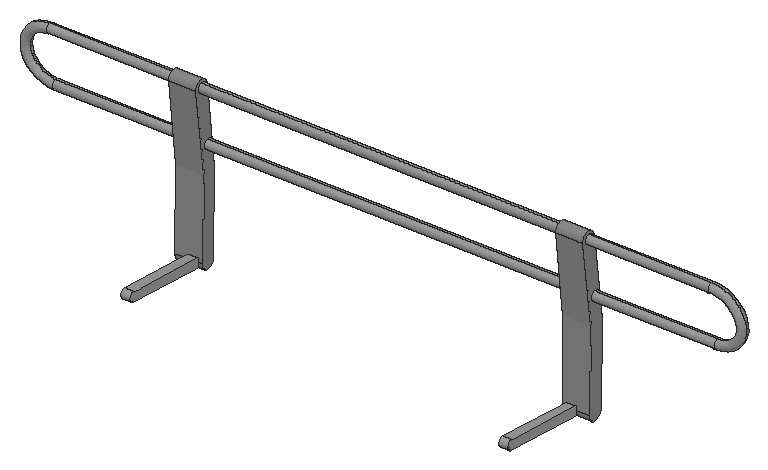
Revit family "Nursing Bench 3000 height adjustable_v_1.0", category Specialty Equipment, host Wall, Revit 2012
Parameters (values of type "1300mm")
  URL = "www.pressalitcare.com"
  Rail [instance] = 1600 mm
  Model = "R8510"
  Manufacturer = "Pressalit Care"
  File Version = "V 1.0"  # constant formula
  Description = "Safety Rail for Nursing Bench 3000, 1300 mm"
  Couch Elevation [instance] = 865 mm
  Copyright = "Pressalit Care"
  Assembly Code = "C1030200"
Types (2, lengths in mm): name | Model | Description
  1300mm | "R8510" | "Safety Rail for Nursing Bench 3000, 1300 mm"
  1800mm | "R8511" | "Safety Rail for Nursing Bench 3000, 1800 mm"
Reference planes
  plane 1 "Center (Front/Back)": y = 0
  plane 2: z = 0
  plane 3 "Center (Left/Right)": x = 0
  plane 4 "Bed Elevation": z = 865
  plane 5 "Lines": z = 1115
  plane 6: x = -800
  plane 7: x = 800
Forms (mm)
  Sweep 1, solid, material "Pressalit Aluminum"
    path origin (0, 963.054, 967.776) x (0, -0.139173, 0.990268) y (1, 0, 0)
      loop
        arc (120, 730) -> (60, 790) -> (0, 730) r 60
        line (0, 730) -> (0, -730)
        arc (0, -730) -> (60, -790) -> (120, -730) r 60
        line (120, -730) -> (120, 730)
    profile origin (0, 946.353, 1086.608) x (0, -0.139173, 0.990268) y (0, 0.990268, 0.139173)
      loop
        circle (0, 0) r 10
  Sweep 2, solid, material "Pressalit Plastic"
    path origin (0, 0, 865) x (0, 1, 0) y (-1, 0, 0)
      loop
        line (554.669, 457) -> (554.669, 397)
    profile origin (-427, 554.669, 865) x (0, 1, 0) y (0, 0, 1)
      loop
        arc (376.891, 218.826) -> (397.193, 45.154) -> (394.604, -129.682) r 1333.923
        arc (394.604, -129.682) -> (408.35, -145.838) -> (424.507, -132.091) r 15
        arc (424.507, -132.091) -> (427.105, 47.624) -> (406.051, 226.12) r 1363.923
        arc (406.051, 226.12) -> (388.047, 236.161) -> (376.891, 218.826) r 15.059
  Sweep 3, solid, material "Pressalit Plastic"
    path origin (0, 0, 865) x (0, 1, 0) y (1, 0, 0)
      loop
        line (554.669, 457) -> (554.669, 397)
    profile origin (427, 554.669, 865) x (0, -1, 0) y (0, 0, 1)
      loop
        arc (-376.891, 218.826) -> (-388.047, 236.161) -> (-406.051, 226.12) r 15.059
        arc (-406.051, 226.12) -> (-427.105, 47.624) -> (-424.507, -132.091) r 1363.923
        arc (-424.507, -132.091) -> (-408.35, -145.838) -> (-394.604, -129.682) r 15
        arc (-394.604, -129.682) -> (-397.193, 45.154) -> (-376.891, 218.826) r 1333.923
  Sweep 4, solid, material "Pressalit Aluminum"
    path origin (0, 0, 865) x (0, 1, 0) y (-1, 0, 0)
      loop
        line (554.5, 426.963) -> (554.5, 406.963)
    profile origin (-416.963, 554.5, 865) x (0, 1, 0) y (0, 0, 1)
      loop
        arc (409.944, -140.954) -> (419.74, -130.754) -> (409.539, -120.958) r 10
        arc (409.539, -120.958) -> (314.277, -119.148) -> (219.451, -109.869) r 1213.489
        arc (219.451, -109.869) -> (208.18, -118.412) -> (216.723, -129.682) r 10
        arc (216.723, -129.682) -> (313.112, -139.114) -> (409.944, -140.954) r 1233.489
  Sweep 5, solid, material "Pressalit Aluminum"
    path origin (0, 0, 865) x (0, 1, 0) y (1, 0, 0)
      loop
        line (554.5, 426.963) -> (554.5, 406.963)
    profile origin (416.963, 554.5, 865) x (0, -1, 0) y (0, 0, 1)
      loop
        arc (-409.944, -140.954) -> (-313.112, -139.114) -> (-216.723, -129.682) r 1233.489
        arc (-216.723, -129.682) -> (-208.18, -118.412) -> (-219.451, -109.869) r 10
        arc (-219.451, -109.869) -> (-314.277, -119.148) -> (-409.539, -120.958) r 1213.489
        arc (-409.539, -120.958) -> (-419.74, -130.754) -> (-409.944, -140.954) r 10
  Extrusion 6, void
    sketch origin (0, 963.054, 967.776) x (0, 0.139173, -0.990268) y (1, 0, 0)
      loop
        line (-142.703, 457) -> (-142.703, 397) -> (15.816, 397) -> (15.816, 457) -> (-142.703, 457)
      loop
        line (15.911, -397) -> (-142.677, -397) -> (-142.677, -457) -> (15.911, -457) -> (15.911, -397)
    from -50 to 50
Cuts and joins
  Extrusion 6 cuts Sweep 1
Lines and regions (mm)
  Masking region 1
    outline origin (0, 0, 1115) x (0, 1, 0) y (-1, 0, 0)
      loop
        line (973.054, -457) -> (936.353, -457) -> (936.353, -720.974)
        spline (936.353, -720.974) -> (937.112, -752.217) -> (939.202, -774.001) -> (942.339, -787.995) -> (946.24, -795.866) -> (950.625, -799.284) -> (955.209, -799.916) -> (959.718, -798.948) -> (963.915, -795.343) -> (967.573, -787.422) -> (970.467, -773.505) -> (972.369, -751.916) -> (973.054, -720.974)
        line (973.054, -720.974) -> (973.054, -457)
      loop
        line (973.054, 457) -> (973.054, 720.974)
        spline (973.054, 720.974) -> (972.369, 751.916) -> (970.467, 773.505) -> (967.573, 787.422) -> (963.915, 795.343) -> (959.718, 798.948) -> (955.209, 799.916) -> (950.625, 799.284) -> (946.24, 795.866) -> (942.339, 787.995) -> (939.202, 774.001) -> (937.112, 752.217) -> (936.353, 720.974)
        line (936.353, 720.974) -> (936.353, 457) -> (973.054, 457)
      loop
        line (973.054, 397) -> (936.353, 397) -> (936.353, -397) -> (973.054, -397) -> (973.054, 397)
  Masking region 2
    outline origin (0, 0, 1115) x (0, 1, 0) y (-1, 0, 0)
      loop
        line (983.582, 457) -> (931.32, 457) -> (931.32, 397) -> (983.582, 397) -> (983.582, 457)
      loop
        line (983.582, -457) -> (983.582, -397) -> (931.32, -397) -> (931.32, -457) -> (983.582, -457)
  reference lines
    curve 1: line (0, 963.054, 967.776) -> (0, 946.353, 1086.608)
  symbolic lines, not visible
    curve 2: line (551.75, 756.669, 905) -> (751.75, 756.669, 905)
    curve 3: line (751.75, 736.669, 905) -> (551.75, 736.669, 905)
    curve 4: arc (551.75, 756.669, 905) -> (541.75, 746.669, 905) -> (551.75, 736.669, 905) r 10
    curve 5: arc (751.75, 756.669, 905) -> (761.75, 746.669, 905) -> (751.75, 736.669, 905) r 10
    curve 6: line (551.75, 564.669, 905) -> (751.75, 564.669, 905)
    curve 7: line (751.75, 544.669, 905) -> (551.75, 544.669, 905)
    curve 8: arc (551.75, 564.669, 905) -> (541.75, 554.669, 905) -> (551.75, 544.669, 905) r 10
    curve 9: arc (751.75, 564.669, 905) -> (761.75, 554.669, 905) -> (751.75, 544.669, 905) r 10
    curve 10: line (551.75, 372.669, 905) -> (751.75, 372.669, 905)
    curve 11: line (751.75, 352.669, 905) -> (551.75, 352.669, 905)
    curve 12: arc (551.75, 372.669, 905) -> (541.75, 362.669, 905) -> (551.75, 352.669, 905) r 10
    curve 13: arc (751.75, 372.669, 905) -> (761.75, 362.669, 905) -> (751.75, 352.669, 905) r 10
    curve 14: line (403.5, 903.491, 905) -> (403.5, 205.509, 905)
    curve 15: line (330.5, 756.669, 905) -> (178.5, 756.669, 905)
    curve 16: line (178.5, 736.669, 905) -> (330.5, 736.669, 905)
    curve 17: arc (330.5, 756.669, 905) -> (340.5, 746.669, 905) -> (330.5, 736.669, 905) r 10
    curve 18: arc (178.5, 756.669, 905) -> (168.5, 746.669, 905) -> (178.5, 736.669, 905) r 10
    curve 19: line (330.5, 564.669, 905) -> (178.5, 564.669, 905)
    curve 20: line (178.5, 544.669, 905) -> (330.5, 544.669, 905)
    curve 21: arc (178.5, 564.669, 905) -> (168.5, 554.669, 905) -> (178.5, 544.669, 905) r 10
    curve 22: line (330.5, 372.669, 905) -> (178.5, 372.669, 905)
    curve 23: line (178.5, 352.669, 905) -> (330.5, 352.669, 905)
    curve 24: arc (178.5, 372.669, 905) -> (168.5, 362.669, 905) -> (178.5, 352.669, 905) r 10
    curve 25: arc (330.5, 564.669, 905) -> (340.5, 554.669, 905) -> (330.5, 544.669, 905) r 10
    curve 26: arc (330.5, 372.669, 905) -> (340.5, 362.669, 905) -> (330.5, 352.669, 905) r 10
    curve 27: line (391, 903.491, 905) -> (391, 205.509, 905)
    curve 28: line (80.5, 756.669, 905) -> (-71.5, 756.669, 905)
    curve 29: line (-71.5, 736.669, 905) -> (80.5, 736.669, 905)
    curve 30: arc (80.5, 756.669, 905) -> (90.5, 746.669, 905) -> (80.5, 736.669, 905) r 10
    curve 31: arc (-71.5, 756.669, 905) -> (-81.5, 746.669, 905) -> (-71.5, 736.669, 905) r 10
    curve 32: line (80.5, 564.669, 905) -> (-71.5, 564.669, 905)
    curve 33: line (-71.5, 544.669, 905) -> (80.5, 544.669, 905)
    curve 34: arc (-71.5, 564.669, 905) -> (-81.5, 554.669, 905) -> (-71.5, 544.669, 905) r 10
    curve 35: line (80.5, 372.669, 905) -> (-71.5, 372.669, 905)
    curve 36: line (-71.5, 352.669, 905) -> (80.5, 352.669, 905)
    curve 37: arc (-71.5, 372.669, 905) -> (-81.5, 362.669, 905) -> (-71.5, 352.669, 905) r 10
    curve 38: arc (80.5, 564.669, 905) -> (90.5, 554.669, 905) -> (80.5, 544.669, 905) r 10
    curve 39: arc (80.5, 372.669, 905) -> (90.5, 362.669, 905) -> (80.5, 352.669, 905) r 10
    curve 40: line (-169.5, 756.669, 905) -> (-321.5, 756.669, 905)
    curve 41: line (-321.5, 736.669, 905) -> (-169.5, 736.669, 905)
    curve 42: arc (-169.5, 756.669, 905) -> (-159.5, 746.669, 905) -> (-169.5, 736.669, 905) r 10
    curve 43: arc (-321.5, 756.669, 905) -> (-331.5, 746.669, 905) -> (-321.5, 736.669, 905) r 10
    curve 44: line (-169.5, 564.669, 905) -> (-321.5, 564.669, 905)
    curve 45: line (-321.5, 544.669, 905) -> (-169.5, 544.669, 905)
    curve 46: arc (-321.5, 564.669, 905) -> (-331.5, 554.669, 905) -> (-321.5, 544.669, 905) r 10
    curve 47: line (-169.5, 372.669, 905) -> (-321.5, 372.669, 905)
    curve 48: line (-321.5, 352.669, 905) -> (-169.5, 352.669, 905)
    curve 49: arc (-321.5, 372.669, 905) -> (-331.5, 362.669, 905) -> (-321.5, 352.669, 905) r 10
    curve 50: arc (-169.5, 564.669, 905) -> (-159.5, 554.669, 905) -> (-169.5, 544.669, 905) r 10
    curve 51: arc (-169.5, 372.669, 905) -> (-159.5, 362.669, 905) -> (-169.5, 352.669, 905) r 10
    curve 52: line (-419.5, 756.669, 905) -> (-571.5, 756.669, 905)
    curve 53: line (-571.5, 736.669, 905) -> (-419.5, 736.669, 905)
    curve 54: arc (-419.5, 756.669, 905) -> (-409.5, 746.669, 905) -> (-419.5, 736.669, 905) r 10
    curve 55: arc (-571.5, 756.669, 905) -> (-581.5, 746.669, 905) -> (-571.5, 736.669, 905) r 10
    curve 56: line (-419.5, 564.669, 905) -> (-571.5, 564.669, 905)
    curve 57: line (-571.5, 544.669, 905) -> (-419.5, 544.669, 905)
    curve 58: arc (-571.5, 564.669, 905) -> (-581.5, 554.669, 905) -> (-571.5, 544.669, 905) r 10
    curve 59: line (-419.5, 372.669, 905) -> (-571.5, 372.669, 905)
    curve 60: line (-571.5, 352.669, 905) -> (-419.5, 352.669, 905)
    curve 61: arc (-571.5, 372.669, 905) -> (-581.5, 362.669, 905) -> (-571.5, 352.669, 905) r 10
    curve 62: arc (-419.5, 564.669, 905) -> (-409.5, 554.669, 905) -> (-419.5, 544.669, 905) r 10
    curve 63: arc (-419.5, 372.669, 905) -> (-409.5, 362.669, 905) -> (-419.5, 352.669, 905) r 10
    curve 64: line (-669.5, 756.669, 905) -> (-821.5, 756.669, 905)
    curve 65: line (-821.5, 736.669, 905) -> (-669.5, 736.669, 905)
    curve 66: arc (-669.5, 756.669, 905) -> (-659.5, 746.669, 905) -> (-669.5, 736.669, 905) r 10
    curve 67: arc (-821.5, 756.669, 905) -> (-831.5, 746.669, 905) -> (-821.5, 736.669, 905) r 10
    curve 68: line (-669.5, 564.669, 905) -> (-821.5, 564.669, 905)
    curve 69: line (-821.5, 544.669, 905) -> (-669.5, 544.669, 905)
    curve 70: arc (-821.5, 564.669, 905) -> (-831.5, 554.669, 905) -> (-821.5, 544.669, 905) r 10
    curve 71: line (-669.5, 372.669, 905) -> (-821.5, 372.669, 905)
    curve 72: line (-821.5, 352.669, 905) -> (-669.5, 352.669, 905)
    curve 73: arc (-821.5, 372.669, 905) -> (-831.5, 362.669, 905) -> (-821.5, 352.669, 905) r 10
    curve 74: arc (-669.5, 564.669, 905) -> (-659.5, 554.669, 905) -> (-669.5, 544.669, 905) r 10
    curve 75: arc (-669.5, 372.669, 905) -> (-659.5, 362.669, 905) -> (-669.5, 352.669, 905) r 10
    curve 76: line (-301.75, 756.669, 905) -> (-501.75, 756.669, 905)
    curve 77: line (-501.75, 736.669, 905) -> (-301.75, 736.669, 905)
    curve 78: arc (-301.75, 756.669, 905) -> (-291.75, 746.669, 905) -> (-301.75, 736.669, 905) r 10
    curve 79: arc (-501.75, 756.669, 905) -> (-511.75, 746.669, 905) -> (-501.75, 736.669, 905) r 10
    curve 80: line (-301.75, 564.669, 905) -> (-501.75, 564.669, 905)
    curve 81: line (-501.75, 544.669, 905) -> (-301.75, 544.669, 905)
    curve 82: arc (-301.75, 564.669, 905) -> (-291.75, 554.669, 905) -> (-301.75, 544.669, 905) r 10
    curve 83: arc (-501.75, 564.669, 905) -> (-511.75, 554.669, 905) -> (-501.75, 544.669, 905) r 10
    curve 84: line (-301.75, 372.669, 905) -> (-501.75, 372.669, 905)
    curve 85: line (-501.75, 352.669, 905) -> (-301.75, 352.669, 905)
    curve 86: arc (-301.75, 372.669, 905) -> (-291.75, 362.669, 905) -> (-301.75, 352.669, 905) r 10
    curve 87: arc (-501.75, 372.669, 905) -> (-511.75, 362.669, 905) -> (-501.75, 352.669, 905) r 10
    curve 88: line (-153.5, 903.491, 905) -> (-153.5, 205.509, 905)
    curve 89: line (-80.5, 756.669, 905) -> (71.5, 756.669, 905)
    curve 90: line (71.5, 736.669, 905) -> (-80.5, 736.669, 905)
    curve 91: arc (-80.5, 756.669, 905) -> (-90.5, 746.669, 905) -> (-80.5, 736.669, 905) r 10
    curve 92: arc (71.5, 756.669, 905) -> (81.5, 746.669, 905) -> (71.5, 736.669, 905) r 10
    curve 93: line (-80.5, 564.669, 905) -> (71.5, 564.669, 905)
    curve 94: line (71.5, 544.669, 905) -> (-80.5, 544.669, 905)
    curve 95: arc (71.5, 564.669, 905) -> (81.5, 554.669, 905) -> (71.5, 544.669, 905) r 10
    curve 96: line (-80.5, 372.669, 905) -> (71.5, 372.669, 905)
    curve 97: line (71.5, 352.669, 905) -> (-80.5, 352.669, 905)
    curve 98: arc (71.5, 372.669, 905) -> (81.5, 362.669, 905) -> (71.5, 352.669, 905) r 10
    curve 99: arc (-80.5, 564.669, 905) -> (-90.5, 554.669, 905) -> (-80.5, 544.669, 905) r 10
    curve 100: arc (-80.5, 372.669, 905) -> (-90.5, 362.669, 905) -> (-80.5, 352.669, 905) r 10
    curve 101: line (-141, 903.491, 905) -> (-141, 205.509, 905)
    curve 102: line (169.5, 756.669, 905) -> (321.5, 756.669, 905)
    curve 103: line (321.5, 736.669, 905) -> (169.5, 736.669, 905)
    curve 104: arc (169.5, 756.669, 905) -> (159.5, 746.669, 905) -> (169.5, 736.669, 905) r 10
    curve 105: arc (321.5, 756.669, 905) -> (331.5, 746.669, 905) -> (321.5, 736.669, 905) r 10
    curve 106: line (169.5, 564.669, 905) -> (321.5, 564.669, 905)
    curve 107: line (321.5, 544.669, 905) -> (169.5, 544.669, 905)
    curve 108: arc (321.5, 564.669, 905) -> (331.5, 554.669, 905) -> (321.5, 544.669, 905) r 10
    curve 109: line (169.5, 372.669, 905) -> (321.5, 372.669, 905)
    curve 110: line (321.5, 352.669, 905) -> (169.5, 352.669, 905)
    curve 111: arc (321.5, 372.669, 905) -> (331.5, 362.669, 905) -> (321.5, 352.669, 905) r 10
    curve 112: arc (169.5, 564.669, 905) -> (159.5, 554.669, 905) -> (169.5, 544.669, 905) r 10
    curve 113: arc (169.5, 372.669, 905) -> (159.5, 362.669, 905) -> (169.5, 352.669, 905) r 10
    curve 114: line (419.5, 756.669, 905) -> (571.5, 756.669, 905)
    curve 115: line (571.5, 736.669, 905) -> (419.5, 736.669, 905)
    curve 116: arc (419.5, 756.669, 905) -> (409.5, 746.669, 905) -> (419.5, 736.669, 905) r 10
    curve 117: arc (571.5, 756.669, 905) -> (581.5, 746.669, 905) -> (571.5, 736.669, 905) r 10
    curve 118: line (419.5, 564.669, 905) -> (571.5, 564.669, 905)
    curve 119: line (571.5, 544.669, 905) -> (419.5, 544.669, 905)
    curve 120: arc (571.5, 564.669, 905) -> (581.5, 554.669, 905) -> (571.5, 544.669, 905) r 10
    curve 121: line (419.5, 372.669, 905) -> (571.5, 372.669, 905)
    curve 122: line (571.5, 352.669, 905) -> (419.5, 352.669, 905)
    curve 123: arc (571.5, 372.669, 905) -> (581.5, 362.669, 905) -> (571.5, 352.669, 905) r 10
    curve 124: arc (419.5, 564.669, 905) -> (409.5, 554.669, 905) -> (419.5, 544.669, 905) r 10
    curve 125: arc (419.5, 372.669, 905) -> (409.5, 362.669, 905) -> (419.5, 352.669, 905) r 10
Dimensions and locks
  "Couch Elevation": plane 4 "Bed Elevation" to level
  locked: Sweep 1 sketch curve to plane 6 at 70
  locked: Sweep 1 sketch curve to plane 7 at 70
  equal spacing: plane 7, plane 3 "Center (Left/Right)", plane 6
  "Rail": plane 6 to plane 7
  locked: plane 6 to Masking region 1 sketch curve at 79.026
  locked: Masking region 1 sketch curve to plane 7 at 79.026
  aligned and locked: Sweep 2 to Masking region 1 sketch curve
  aligned and locked: Masking region 1 sketch curve to Sweep 2
  aligned and locked: Sweep 3 to Masking region 1 sketch curve  (x2)
  aligned and locked: Masking region 2 sketch curve to Sweep 2
  aligned and locked: Sweep 2 to Masking region 2 sketch curve
  aligned and locked: Masking region 2 sketch curve to Sweep 3  (x2)
Automatic sketch dimensions
  Sweep 1 sketch curve to curve 1 = 0 mm  (x2)
  profile plane to Sweep 1 sketch curve = 0 mm
  Sweep 1 sketch curve to profile plane = 0 mm
  plane 4 "Bed Elevation" to curve 1 = 221.608 mm
  curve 1 to plane 1 "Center (Front/Back)" = 946.353 mm
  plane 4 "Bed Elevation" to curve 1 = 102.776 mm
  curve 1 to curve 1 = 16.701 mm
  Sweep 2 sketch curve to plane 1 "Center (Front/Back)" = 554.669 mm
  Sweep 2 sketch curve to Sweep 2 sketch curve = 0 mm  (x4)
  Sweep 2 sketch curve to plane 4 "Bed Elevation" = 22.555 mm
  profile plane to Sweep 2 sketch curve = 935.011 mm
  Sweep 2 sketch curve to profile plane = 376.891 mm
  Sweep 2 sketch curve to Sweep 2 sketch curve = 14.811 mm
  Sweep 2 sketch curve to plane 4 "Bed Elevation" = 129.682 mm
  Sweep 2 sketch curve to Sweep 2 sketch curve = 17.713 mm
  Sweep 2 sketch curve to Sweep 2 sketch curve = 14.35 mm
  Sweep 2 sketch curve to Sweep 2 sketch curve = 14.952 mm
  plane 1 "Center (Front/Back)" to Sweep 3 sketch curve = 554.669 mm
  Sweep 3 sketch curve to Sweep 3 sketch curve = 0 mm  (x5)
  Sweep 3 sketch curve to plane 4 "Bed Elevation" = 132.091 mm
  profile plane to Sweep 3 sketch curve = 424.507 mm
  Sweep 3 sketch curve to Sweep 3 sketch curve = 14.952 mm
  plane 4 "Bed Elevation" to Sweep 3 sketch curve = 226.12 mm
  Sweep 3 sketch curve to Sweep 3 sketch curve = 11.447 mm
  Sweep 3 sketch curve to Sweep 3 sketch curve = 14.35 mm
  Sweep 3 sketch curve to Sweep 3 sketch curve = 14.811 mm
  Sweep 4 sketch curve to plane 1 "Center (Front/Back)" = 554.5 mm
  Sweep 4 sketch curve to Sweep 4 sketch curve = 20 mm
  Sweep 4 sketch curve to Sweep 4 sketch curve = 0 mm  (x5)
  Sweep 4 sketch curve to plane 4 "Bed Elevation" = 129.682 mm
  Sweep 4 sketch curve to profile plane = 216.723 mm
  Sweep 4 sketch curve to Sweep 4 sketch curve = 1.364 mm
  Sweep 4 sketch curve to profile plane = 384.949 mm
  Sweep 4 sketch curve to plane 4 "Bed Elevation" = 120.958 mm
  Sweep 4 sketch curve to Sweep 4 sketch curve = 190.088 mm
  Sweep 4 sketch curve to Sweep 4 sketch curve = 0.203 mm
  plane 1 "Center (Front/Back)" to Sweep 5 sketch curve = 554.5 mm
  Sweep 5 sketch curve to Sweep 5 sketch curve = 20 mm
  Sweep 5 sketch curve to Sweep 5 sketch curve = 0 mm  (x5)
  Sweep 5 sketch curve to plane 4 "Bed Elevation" = 140.954 mm
  profile plane to Sweep 5 sketch curve = 409.944 mm
  Sweep 5 sketch curve to Sweep 5 sketch curve = 0.203 mm
  profile plane to Sweep 5 sketch curve = 384.949 mm
  Sweep 5 sketch curve to plane 4 "Bed Elevation" = 109.869 mm
  Sweep 5 sketch curve to Sweep 5 sketch curve = 190.088 mm
  Sweep 5 sketch curve to Sweep 5 sketch curve = 1.364 mm
  Extrusion 6 sketch curve to curve 1 = 22.703 mm
  Extrusion 6 sketch curve to curve 1 = 22.677 mm
  curve 1 to Extrusion 6 sketch curve = 15.816 mm
  curve 1 to Extrusion 6 sketch curve = 15.911 mm
  Extrusion 6 sketch curve to curve 1 = 457 mm
  Extrusion 6 sketch curve to curve 1 = 397 mm
  curve 1 to Extrusion 6 sketch curve = 397 mm
  curve 1 to Extrusion 6 sketch curve = 457 mm
  curve 88 to curve 101 = 0 mm  (x2)
  curve 101 to curve 113 = 147.16 mm
  curve 98 to curve 113 = 0 mm
  curve 88 to curve 87 = 147.16 mm
  curve 122 to curve 123 = 10 mm
  curve 113 to curve 113 = 10 mm
  curve 97 to curve 98 = 10 mm
  curve 85 to curve 87 = 10 mm
  curve 100 to curve 94 = 172 mm
  curve 123 to curve 119 = 172 mm
  curve 95 to curve 112 = 0 mm
  curve 84 to curve 83 = 172 mm
  curve 81 to curve 83 = 10 mm
  curve 124 to curve 124 = 10 mm
  curve 99 to curve 99 = 10 mm
  curve 112 to curve 112 = 10 mm
  curve 80 to curve 79 = 172 mm
  curve 95 to curve 92 = 172 mm
  curve 103 to curve 115 = 0 mm
  curve 91 to curve 91 = 10 mm
  curve 116 to curve 116 = 10 mm
  curve 79 to curve 79 = 10 mm
  curve 104 to curve 104 = 10 mm
  curve 91 to curve 101 = 146.821 mm
  curve 121 to curve 121 = 152 mm
  curve 119 to curve 119 = 152 mm
  curve 115 to curve 116 = 152 mm
  curve 121 to curve 111 = 98 mm
  curve 119 to curve 108 = 98 mm
  curve 114 to curve 102 = 98 mm
  curve 103 to curve 104 = 152 mm
  curve 107 to curve 107 = 152 mm
  curve 109 to curve 109 = 152 mm
  curve 106 to curve 95 = 98 mm
  curve 102 to curve 89 = 98 mm
  curve 113 to curve 98 = 98 mm
  curve 97 to curve 97 = 152 mm
  curve 89 to curve 89 = 152 mm
  curve 95 to curve 99 = 152 mm
  curve 97 to curve 101 = 60.5 mm
  curve 101 to curve 88 = 12.5 mm
  curve 99 to curve 82 = 221.25 mm
  curve 77 to curve 80 = 0 mm
  curve 86 to curve 81 = 0 mm
  curve 82 to curve 83 = 200 mm
  curve 79 to curve 80 = 0 mm
  curve 84 to curve 81 = 0 mm
  curve 111 to curve 122 = 0 mm
  curve 106 to curve 105 = 172 mm
  curve 115 to curve 120 = 0 mm
  curve 123 to curve 119 = 0 mm
  Sweep 3 sketch curve to Sweep 3 sketch curve = 60 mm
  Sweep 3 sketch curve to plane 3 "Center (Left/Right)" = 397 mm
  Sweep 5 sketch curve to plane 3 "Center (Left/Right)" = 406.963 mm
  Sweep 2 sketch curve to Sweep 2 sketch curve = 60 mm
  Sweep 2 sketch curve to plane 3 "Center (Left/Right)" = 397 mm
  Sweep 4 sketch curve to plane 3 "Center (Left/Right)" = 406.963 mm
  Masking region 1 sketch curve to plane 1 "Center (Front/Back)" = 936.353 mm
  Masking region 1 sketch curve to Masking region 1 sketch curve = 0 mm  (x2)
  Masking region 1 sketch curve to Masking region 1 sketch curve = 36.701 mm  (x3)
  Masking region 2 sketch curve to plane 1 "Center (Front/Back)" = 931.32 mm
  Masking region 2 sketch curve to Masking region 2 sketch curve = 0 mm
  Masking region 2 sketch curve to Masking region 2 sketch curve = 52.261 mm  (x2)
  radius of Sweep 1 sketch curve = 10 mm
Types in the file's own list only (4): name | With Safety Rail | Rail | OmniClass Title | OmniClass Number | Model | Length | Description | Bed Pattern 1800 | Bed Pattern 1300 | Assembly Description | Adjustment Interval (Height)
  Height adjustable nursing bench with safety rail, 1800 mm. Electric. | Yes | 1600 mm | "Toilet and Bath Specialties" | "23.40.20.21" | "R8538" | 1800 mm | "Nursing bench with safety rail. Couch 1910 x 798 mm. 700 mm height adjustable." | Yes | No | "Bath & Toilet Accessories" | "300 mm - 1000 mm above floor"
  Height adjustable nursing bench with safety rail, 1300 mm. Electric. | Yes | 1200 mm | "Toilet and Bath Specialties" | "23.40.20.21" | "R8533" | 1300 mm | "Nursing bench with safety rail. Couch 1410 x 798 mm. 700 mm height adjustable." | No | Yes | "Bath & Toilet Accessories" | "300 mm - 1000 mm above floor"
  Height adjustable nursing bench, 1300 mm. Electric. | No | 1200 mm | "Toilet and Bath Specialties" | "23.40.20.21" | "R8513" | 1300 mm | "Nursing bench. Couch 1410 x 798 mm. 700 mm height adjustable." | No | Yes | "Bath & Toilet Accessories" | "300 mm - 1000 mm above floor"
  Height adjustable nursing bench, 1800 mm. Electric. | No | 1600 mm | "Toilet and Bath Specialties" | "23.40.20.21" | "R8518" | 1800 mm | "Nursing bench. Couch 1910 x 798 mm. 700 mm height adjustable." | Yes | No | "Bath & Toilet Accessories" | "300 mm - 1000 mm above floor"
